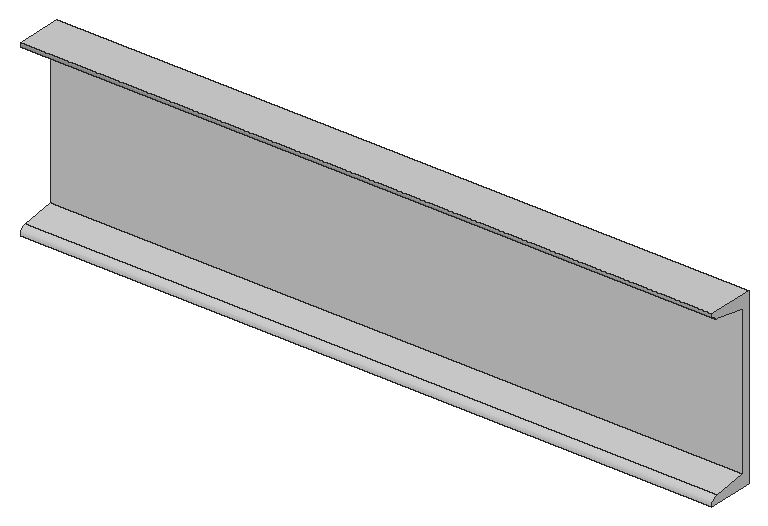
Revit family "C-Channel", category Structural Framing, Revit 2020
Family settings
  Structural Framing Length Roundoff = 0' - 0"
  Section Shape = Not Defined
  Material for Model Behavior = Steel
  Always export as geometry = No
  OmniClass Number = 23.25.30.11.14.14
  OmniClass Title = Beams
  Always vertical = Yes
  Cut with Voids When Loaded = No
  Symbolic Representation = From Project Settings
  Shared = No
  Show family pre-cut in plan views = Yes
Parameters (values of type "C12X30")
  W = 30
  Type Comments [instance] = Steel ASTM A36
  Assembly Code = "B10"
  Length [instance] = 5' - 0"
  bf = 0' - 3 11/64"
  d = 1' - 0"
  tf = 0' - 0 1/2"
  tw = 0' - 0 131/256"
  x = 0' - 0 173/256"
  A = 8.80 in²
Types (2): name | W | bf | d | tf | tw | x | A
  C12X30 | 30 | 0' - 3 11/64" | 1' - 0" | 0' - 0 1/2" | 0' - 0 131/256" | 0' - 0 173/256" | 8.80 in²
  C15X33.9 | 33.9 | 0' - 3 51/128" | 1' - 3" | 0' - 0 83/128" | 0' - 0 51/128" | 0' - 0 101/128" | 10.00 in²
Reference planes (in)
  plane 1 "Center (Front/Back)": y = 0
  plane 2: z = 0
  plane 3 "Center (Left/Right)": x = 0.1815
  plane 4 "Member Left": x = -23.8185
  plane 5 "Member Right": x = 24.1815
  plane 6 "Center Left/Right": y = 0.67578
  plane 7: y = -2.49609
  plane 8 "Top": z = 6
  plane 9: z = -6
  plane 10 "Left": x = -29.8185
  plane 11 "Right": x = 30.1815
Forms (in)
  Sweep 1, solid, material "Steel ASTM A36" <- "Type Comments", detail levels fine
    path origin (0, 0, 0) x (1, 0, 0) y (0, 1, 0)
      loop
        line (24.1815, 0) -> (-23.8185, 0)
    profile "C-Channel-Profile-Fine : C-Channel-Profile-Fine" origin (0.1815, 0, 0) x (0, -1, 0) y (0, 0, 1)
      loop
        line (-0.67578, -6) -> (2.49609, -6)
        arc (2.49609, -6) -> (2.34965, -5.64645) -> (1.99609, -5.5) r 0.5
        line (1.99609, -5.5) -> (-0.16406, -5.15786) -> (-0.16406, 5.15786) -> (1.99609, 5.5)
        arc (1.99609, 5.5) -> (2.34965, 5.64645) -> (2.49609, 6) r 0.5
        line (2.49609, 6) -> (-0.67578, 6) -> (-0.67578, -6)
  Sweep 2, solid, material "Steel ASTM A36" <- "Type Comments", detail levels medium
    path origin (0, 0, 0) x (1, 0, 0) y (0, 1, 0)
      loop
        line (24.1815, 0) -> (-23.8185, 0)
    profile "C-Channel-Profile-Medium : C-Channel-Profile-Medium" origin (0.1815, 0, 0) x (0, -1, 0) y (0, 0, 1)
      loop
        line (-0.67578, -6) -> (2.49609, -6) -> (2.49609, -5.5) -> (-0.16406, -5.07867) -> (-0.16406, 5.07867) -> (2.49609, 5.5) -> (2.49609, 6) -> (-0.67578, 6) -> (-0.67578, -6)
Lines and regions (in)
  symbolic lines, style "Hidden Faces", detail levels medium+fine
    curve 1: line (-23.8185, 0.1875, 5.5) -> (24.1815, 0.1875, 5.5)
    curve 2: line (-23.8185, 0.1875, -5.5) -> (24.1815, 0.1875, -5.5)
    curve 6: line (-23.8185, 0.16406, 0) -> (24.1815, 0.16406, 0)
  symbolic lines, style "Stick Symbols", detail levels coarse
    curve 3: line (0.1815, 0.67578, -6) -> (0.1815, 0.67578, 6)
    curve 4: line (0.1815, 0.67578, 6) -> (0.1815, -2.49609, 6)
    curve 5: line (0.1815, 0.67578, -6) -> (0.1815, -2.49609, -6)
Dimensions and locks (in)
  "bf": plane 6 "Center Left/Right" to plane 7
  "d": plane 9 to plane 8 "Top"
  "x": plane 6 "Center Left/Right" to plane 1 "Center (Front/Back)"
  equal spacing: plane 9, plane 2, plane 8 "Top"
  "Length": plane 10 "Left" to plane 11 "Right"
  "tw": plane 6 "Center Left/Right" to curve 6
  "tf": plane 8 "Top" to curve 1
  "tf": curve 2 to plane 9
  aligned and locked: Sweep 1 sketch curve to plane 1 "Center (Front/Back)"
  aligned and locked: Sweep 2 sketch curve to plane 1 "Center (Front/Back)"
  aligned and locked: curve 4 to Sweep 2
  aligned and locked: Sweep 2 to curve 5
  aligned and locked: Sweep 2 to curve 4
  aligned and locked: curve 5 to Sweep 2
  aligned and locked: plane 4 "Member Left" to Sweep 1 sketch curve
  aligned and locked: plane 5 "Member Right" to Sweep 1 sketch curve
  aligned and locked: plane 4 "Member Left" to Sweep 2 sketch curve
  aligned and locked: plane 5 "Member Right" to Sweep 2 sketch curve
  aligned and locked: plane 4 "Member Left" to curve 6
  aligned and locked: plane 5 "Member Right" to curve 6
  aligned and locked: plane 4 "Member Left" to curve 1
  aligned and locked: plane 4 "Member Left" to curve 2
  aligned and locked: plane 5 "Member Right" to curve 1
  aligned and locked: plane 5 "Member Right" to curve 2
Automatic sketch dimensions
  curve 3 to plane 6 "Center Left/Right" = 0' - 0"
